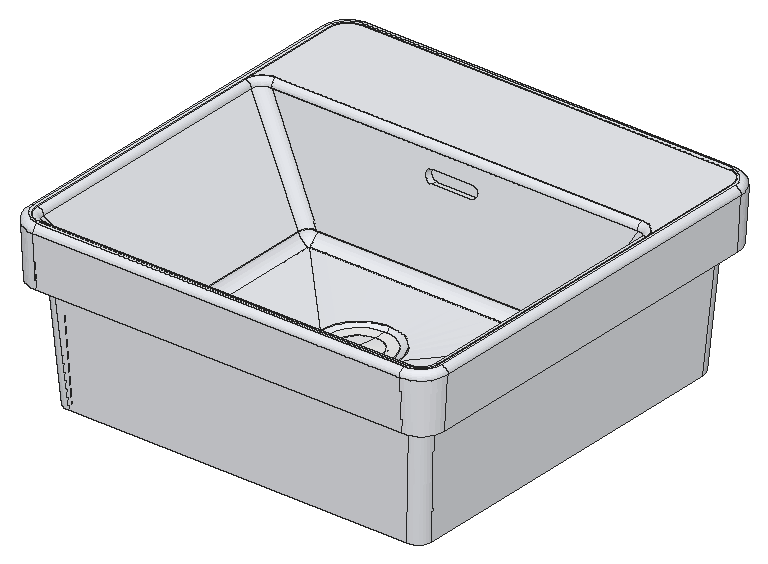
Revit family "CLARK SQUARE 400 INSET", category Plumbing Fixtures, host Face, Revit 2015
Parameters (values of type "CLARK SQUARE 400 INSET NTH")
  Vent Connection = no
  URL = "https://www.clark.com.au/"
  Tap Penetrations = if([3 Tapholes], 0 mm, 70 mm)  # 70 mm
  Spout Penetration = if(or([1 Taphole], [3 Tapholes]), 0 mm, 70 mm)  # 70 mm
  Model = "CL40013-W0"
  Material_Waste = GWA_Metal-Chrome
  Material_Basin = GWA-Porcelain-White
  Manufacturer = "GWA Bathrooms & Kitchens"  # constant formula
  HW Connection = no
  Description = "CLARK SQUARE 400 INSET NTH"
  Default Elevation = 0 mm
  CreatedBy_ANZRS = "GWA Bathrooms & Kitchens"  # constant formula
  CW Connection = no
  Assembly Code = "D2010400"
  3 Tapholes = no
  1 Taphole = no
Types (4, lengths in mm): name | Tap Penetrations | Spout Penetration | Model | Description | 3 Tapholes | 1 Taphole
  (no name) | 70 | 70 | "CL40013-W0" | "CLARK SQUARE 400 INSET NTH" | no | no
  CLARK SQUARE 400 INSET NTH | 70 | 70 | "CL40013-W0" | "CLARK SQUARE 400 INSET NTH" | no | no
  CLARK SQUARE 400 INSET 1TH | 70 | 0 | "CL40013-W1" | "CLARK SQUARE 400 INSET 1TH" | no | yes
  CLARK SQUARE 400 INSET 3TH | 0 | 0 | "CL40013-W3" | "CLARK SQUARE 400 INSET 3TH" | yes | yes
Reference planes
  plane 1 "Center (Front/Back)": y = 0
  plane 2: z = 0
  plane 3 "Center (Left/Right)": x = 0
  plane 4: y = 55
  plane 5: y = -55
  plane 6: y = -59.5
  plane 7: y = -45
  plane 8: y = -45
  plane 9: y = -65
Forms (mm)
  Sweep 1, solid, not visible
    path in 3D
      loop
        line (-200, 55, 0) -> (-200, 55, 374)
        arc (-200, 55, 374) -> (-192.385, 55, 392.385) -> (-174, 55, 400) r 26
        line (-174, 55, 400) -> (174, 55, 400)
        arc (174, 55, 400) -> (192.385, 55, 392.385) -> (200, 55, 374) r 26
        line (200, 55, 374) -> (200, 55, 0)
    profile origin (0, 55, 400) x (0, 0, 1) y (0, -1, 0)
      loop
        line (-4, 120) -> (-14, 120) -> (-8.493, 6) -> (-8.5, 0) -> (-6.203, 0)
        arc (-6.203, 0) -> (-1.891, 1.829) -> (-0.207, 6.2) r 6
        line (-0.207, 6.2) -> (-4, 120)
  Sweep 2, solid, not visible
    path in 3D
      loop
        arc (138, -45, 348) -> (145.071, -45, 345.071) -> (148, -45, 338) r 10
        line (148, -45, 338) -> (148, -45, 138)
        arc (148, -45, 138) -> (145.071, -45, 130.929) -> (138, -45, 128) r 10
        line (138, -45, 128) -> (-138, -45, 128)
        arc (-138, -45, 128) -> (-145.071, -45, 130.929) -> (-148, -45, 138) r 10
        line (-148, -45, 138) -> (-148, -45, 338)
        arc (-148, -45, 338) -> (-145.071, -45, 345.071) -> (-138, -45, 348) r 10
        line (-138, -45, 348) -> (138, -45, 348)
    profile origin (0, -45, 348) x (0, 0, 1) y (0, -1, 0)
      loop
        line (0, 0) -> (0, 10) -> (-9.5, 10)
        arc (-9.5, 10) -> (-2.988, 6.674) -> (0, 0) r 11
  Sweep 3, solid, not visible
    path in 3D
      loop
        arc (174, 55, 391.5) -> (186.374, 55, 386.374) -> (191.5, 55, 374) r 17.5
        line (191.5, 55, 374) -> (191.5, 55, 126)
        arc (191.5, 55, 126) -> (186.374, 55, 113.626) -> (174, 55, 108.5) r 17.5
        line (174, 55, 108.5) -> (-174, 55, 108.5)
        arc (-174, 55, 108.5) -> (-186.374, 55, 113.626) -> (-191.5, 55, 126) r 17.5
        line (-191.5, 55, 126) -> (-191.5, 55, 374)
        arc (-191.5, 55, 374) -> (-186.374, 55, 386.374) -> (-174, 55, 391.5) r 17.5
        line (-174, 55, 391.5) -> (174, 55, 391.5)
    profile origin (0, 55, 391.5) x (0, 0, 1) y (0, -1, 0)
      loop
        line (0, 0.007) -> (0.007, 6) -> (-5.993, 6)
        arc (-5.993, 6) -> (-4.236, 1.764) -> (0, 0.007) r 6
  Extrusion 4, solid, not visible
    sketch origin (0, -55, 0) x (0, 0, 1) y (-1, 0, 0)
      loop
        line (348, -138) -> (348, 138)
        arc (348, 138) -> (345.071, 145.071) -> (338, 148) r 10
        line (338, 148) -> (138, 148)
        arc (138, 148) -> (130.929, 145.071) -> (128, 138) r 10
        line (128, 138) -> (128, -138)
        arc (128, -138) -> (130.929, -145.071) -> (138, -148) r 10
        line (138, -148) -> (338, -148)
        arc (338, -148) -> (345.071, -145.071) -> (348, -138) r 10
    from 0 to 10
  Blend 5, void, not visible
    base sketch origin (0, -59.5, 0) x (0, 0, 1) y (-1, 0, 0)
      loop
        circle (238, 0) r 37
    top sketch origin (0, -55, 0) x (0, 0, 1) y (-1, 0, 0)
      loop
        line (338.5, 138.5) -> (137.5, 138.5) -> (137.5, -138.5) -> (338.5, -138.5) -> (338.5, 138.5)
    from 0 to 0
  Blend 6, solid, not visible
    base sketch origin (0, -65, 0) x (0, 0, 1) y (-1, 0, 0)
      loop
        line (354, -144) -> (354, 144)
        arc (354, 144) -> (351.071, 151.071) -> (344, 154) r 10
        line (344, 154) -> (132, 154)
        arc (132, 154) -> (124.929, 151.071) -> (122, 144) r 10
        line (122, 144) -> (122, -144)
        arc (122, -144) -> (124.929, -151.071) -> (132, -154) r 10
        line (132, -154) -> (344, -154)
        arc (344, -154) -> (351.071, -151.071) -> (354, -144) r 10
    top sketch origin (0, -65, 0) x (0, 0, 1) y (-1, 0, 0)
      loop
        line (391.5, -174) -> (391.5, 174)
        arc (391.5, 174) -> (386.374, 186.374) -> (374, 191.507) r 17.5
        line (374, 191.507) -> (126, 191.5)
        arc (126, 191.5) -> (113.626, 186.374) -> (108.493, 174) r 17.5
        line (108.493, 174) -> (108.5, -174)
        arc (108.5, -174) -> (113.626, -186.374) -> (126, -191.507) r 17.5
        line (126, -191.507) -> (374, -191.5)
        arc (374, -191.5) -> (386.374, -186.374) -> (391.5, -174) r 17.5
    from 0 to -114
  Blend 7, void, not visible
    base sketch origin (0, -45, 0) x (0, 0, 1) y (-1, 0, 0)
      loop
        line (338, 148) -> (138, 148)
        arc (138, 148) -> (130.929, 145.071) -> (128, 138) r 10
        line (128, 138) -> (128, -138)
        arc (128, -138) -> (130.929, -145.071) -> (138, -148) r 10
        line (138, -148) -> (338, -148)
        arc (338, -148) -> (345.071, -145.071) -> (348, -138) r 10
        line (348, -138) -> (348, 138)
        arc (348, 138) -> (345.071, 145.071) -> (338, 148) r 10
    top sketch origin (0, -45, 0) x (0, 0, 1) y (-1, 0, 0)
      loop
        line (114.493, 174) -> (114.493, -174)
        arc (114.493, -174) -> (117.863, -182.137) -> (126, -185.507) r 11.507
        line (126, -185.507) -> (374, -185.507)
        arc (374, -185.507) -> (382.137, -182.137) -> (385.507, -174) r 11.507
        line (385.507, -174) -> (385.507, 174)
        arc (385.507, 174) -> (382.137, 182.137) -> (374, 185.507) r 11.507
        line (374, 185.507) -> (126, 185.507)
        arc (126, 185.507) -> (117.863, 182.137) -> (114.493, 174) r 11.507
    from 0 to -94
  Extrusion 8, void, not visible
    sketch origin (0, -45, 0) x (0, 0, 1) y (-1, 0, 0)
      loop
        line (348, -138) -> (348, 138)
        arc (348, 138) -> (345.071, 145.071) -> (338, 148) r 10
        line (338, 148) -> (138, 148)
        arc (138, 148) -> (130.929, 145.071) -> (128, 138) r 10
        line (128, 138) -> (128, -138)
        arc (128, -138) -> (130.929, -145.071) -> (138, -148) r 10
        line (138, -148) -> (338, -148)
        arc (338, -148) -> (345.071, -145.071) -> (348, -138) r 10
    from 0 to 36.143
  Extrusion 9, solid, not visible
    sketch origin (0, 55, 0) x (0, 0, 1) y (-1, 0, 0)
      loop
        arc (126, -191.5) -> (113.626, -186.374) -> (108.5, -174) r 17.5
        line (108.5, -174) -> (108.5, 174)
        arc (108.5, 174) -> (113.626, 186.374) -> (126, 191.5) r 17.5
        line (126, 191.5) -> (0, 191.5) -> (0, -191.5) -> (126, -191.5)
    from 0 to 6
  Extrusion 10, solid, not visible
    sketch origin (0, 0, 0) x (1, 0, 0) y (0, 1, 0)
      loop
        line (-186, -65) -> (186, -65) -> (191.5, 49) -> (-191.5, 49) -> (-186, -65)
    from 0 to 20
  Extrusion 11, void, not visible
    sketch origin (194.515, -138.338, 0) x (1, 0, 0) y (0, 1, 0)
      loop
        arc (-119.515, 148.338) -> (-129.515, 138.338) -> (-119.515, 128.338) r 10
        line (-119.515, 128.338) -> (-109.515, 128.338)
        arc (-109.515, 128.338) -> (-99.515, 138.338) -> (-109.515, 148.338) r 10
        line (-109.515, 148.338) -> (-119.515, 148.338)
    from -20 to 20
  Extrusion 12, void, not visible
    sketch origin (34.515, -138.338, 0) x (1, 0, 0) y (0, 1, 0)
      loop
        arc (-119.515, 148.338) -> (-129.515, 138.338) -> (-119.515, 128.338) r 10
        line (-119.515, 128.338) -> (-109.515, 128.338)
        arc (-109.515, 128.338) -> (-99.515, 138.338) -> (-109.515, 148.338) r 10
        line (-109.515, 148.338) -> (-119.515, 148.338)
    from -20 to 20
  Extrusion 13, void, not visible
    sketch origin (0, 0, 0) x (1, 0, 0) y (0, 1, 0)
      loop
        circle (0, -135) r 120
    from -20 to 20
  Extrusion 14, void, not visible
    sketch origin (59.761, -146.11, 141.816) x (1, 0, 0) y (0, 0.990268, -0.139173)
      loop
        arc (-78.761, 181.898) -> (-84.761, 175.898) -> (-78.761, 169.898) r 6
        line (-78.761, 169.898) -> (-40.761, 169.898)
        arc (-40.761, 169.898) -> (-34.761, 175.898) -> (-40.761, 181.898) r 6
        line (-40.761, 181.898) -> (-78.761, 181.898)
    from -20 to 20
  Extrusion 15, void, not visible
    sketch origin (0, -45, 0) x (0, 0, 1) y (-1, 0, 0)
      loop
        circle (238, 0) r 37
    from -20 to 21.723
  Revolve 16, solid, not visible
    sketch origin (0, 0, 0) x (0, 1, 0) y (0, 0, 1)
      loop
        line (-59.5, 275) -> (-65, 275) -> (-65, 281.487) -> (-75.487, 271) -> (-107.487, 270) -> (-107.487, 260) -> (-72.487, 260) -> (-60.069, 272.717) -> (-59.5, 274.114) -> (-59.5, 275)
      axis (-59.5, 238) -> (-107.487, 238)
    angle from 0 to 360
  Extrusion 17, solid, not visible
    sketch origin (0, 0, 0) x (0, 1, 0) y (0, 0, 1)
      loop
        line (-65, 194.513) -> (-75.487, 205) -> (-75.487, 238) -> (-102.668, 238) -> (-102.668, 139.668) -> (-65, 102) -> (49, 88.493) -> (49, 108.493) -> (-65, 122) -> (-65, 194.513)
    from -30 to 30
  Extrusion 18, void, not visible
    sketch origin (0, -45, 0) x (0, 0, 1) y (-1, 0, 0)
      loop
        circle (238, 0) r 22.5
    from 0 to 100
  Sweep 19, solid, material "GWA-Porcelain-White" <- "Material_Basin"
    path origin (0, 0, 55) x (-1, 0, 0) y (0, -1, 0)
      loop
        arc (174, -230) -> (192.385, -222.385) -> (200, -204) r 26
        line (200, -204) -> (200, 144)
        arc (200, 144) -> (192.385, 162.385) -> (174, 170) r 26
        line (174, 170) -> (-174, 170)
        arc (-174, 170) -> (-192.385, 162.385) -> (-200, 144) r 26
        line (-200, 144) -> (-200, -204)
        arc (-200, -204) -> (-192.385, -222.385) -> (-174, -230) r 26
        line (-174, -230) -> (174, -230)
    profile origin (0, 230, 55) x (0, 1, 0) y (0, 0, 1)
      loop
        line (-6.339, 0) -> (-9, 0) -> (-15.6, -120) -> (-6.6, -120) -> (-0.348, -6.33)
        arc (-0.348, -6.33) -> (-1.981, -1.876) -> (-6.339, 0) r 6
  Sweep 20, solid, material "GWA-Porcelain-White" <- "Material_Basin"
    path in 3D
      loop
        arc (-174, -161, 55) -> (-186.021, -156.021, 55) -> (-191, -144, 55) r 17
        line (-191, -144, 55) -> (-191, 102.5, 55)
        arc (-191, 102.5, 55) -> (-186.021, 114.521, 55) -> (-174, 119.5, 55) r 17
        line (-174, 119.5, 55) -> (174, 119.5, 55)
        arc (174, 119.5, 55) -> (186.021, 114.521, 55) -> (191, 102.5, 55) r 17
        line (191, 102.5, 55) -> (191, -144, 55)
        arc (191, -144, 55) -> (186.021, -156.021, 55) -> (174, -161, 55) r 17
        line (174, -161, 55) -> (-174, -161, 55)
    profile origin (0, -161, 55) x (0, -1, 0) y (0, 0, 1)
      loop
        arc (0, 0) -> (-4.243, -1.757) -> (-6, -6) r 6
        line (-6, -6) -> (-0.33, -6) -> (0, 0)
  Sweep 21, solid, material "GWA-Porcelain-White" <- "Material_Basin"
    path in 3D
      loop
        arc (-119, -90, -57) -> (-119.707, -89.707, -57) -> (-120, -89, -57) r 1
        line (-120, -89, -57) -> (-120, 89, -57)
        arc (-120, 89, -57) -> (-119.707, 89.707, -57) -> (-119, 90, -57) r 1
        line (-119, 90, -57) -> (119, 90, -57)
        arc (119, 90, -57) -> (119.707, 89.707, -57) -> (120, 89, -57) r 1
        line (120, 89, -57) -> (120, -89, -57)
        arc (120, -89, -57) -> (119.707, -89.707, -57) -> (119, -90, -57) r 1
        line (119, -90, -57) -> (-119, -90, -57)
    profile origin (0, -90, -57) x (0, -1, 0) y (0, 0, 1)
      loop
        line (0, 0) -> (18, 0) -> (18, 10) -> (9, 10)
        arc (9, 10) -> (5.684, 3.934) -> (0, 0) r 15
  Blend 22, solid, material "GWA-Porcelain-White" <- "Material_Basin"
    base sketch origin (0, 0, -57) x (-1, 0, 0) y (0, -1, 0)
      loop
        line (-119, -108) -> (119, -108)
        arc (119, -108) -> (132.435, -102.435) -> (138, -89) r 19
        line (138, -89) -> (138, 89)
        arc (138, 89) -> (132.435, 102.435) -> (119, 108) r 19
        line (119, 108) -> (-119, 108)
        arc (-119, 108) -> (-132.435, 102.435) -> (-138, 89) r 19
        line (-138, 89) -> (-138, -89)
        arc (-138, -89) -> (-132.435, -102.435) -> (-119, -108) r 19
    top sketch origin (0, 0, -57) x (-1, 0, 0) y (0, -1, 0)
      loop
        line (-174, -119.17) -> (174, -119.17)
        arc (174, -119.17) -> (185.787, -114.287) -> (190.67, -102.5) r 16.67
        line (190.67, -102.5) -> (190.67, 144)
        arc (190.67, 144) -> (185.787, 155.787) -> (174, 160.67) r 16.67
        line (174, 160.67) -> (-174, 160.67)
        arc (-174, 160.67) -> (-185.787, 155.787) -> (-190.67, 144) r 16.67
        line (-190.67, 144) -> (-190.67, -102.5)
        arc (-190.67, -102.5) -> (-185.787, -114.287) -> (-174, -119.17) r 16.67
    from 0 to 106
  Extrusion 23, solid, material "GWA-Porcelain-White" <- "Material_Basin"
    sketch origin (0, 0, -57) x (-1, 0, 0) y (0, -1, 0)
      loop
        line (138, -89) -> (138, 89)
        arc (138, 89) -> (132.435, 102.435) -> (119, 108) r 19
        line (119, 108) -> (-119, 108)
        arc (-119, 108) -> (-132.435, 102.435) -> (-138, 89) r 19
        line (-138, 89) -> (-138, -89)
        arc (-138, -89) -> (-132.435, -102.435) -> (-119, -108) r 19
        line (-119, -108) -> (119, -108)
        arc (119, -108) -> (132.435, -102.435) -> (138, -89) r 19
    from 0 to -10
  Blend 24, void
    base sketch origin (0, 0, -47) x (1, 0, 0) y (0, 1, 0)
      loop
        line (129, -89) -> (129, 89)
        arc (129, 89) -> (126.071, 96.071) -> (119, 99) r 10
        line (119, 99) -> (-119, 99)
        arc (-119, 99) -> (-126.071, 96.071) -> (-129, 89) r 10
        line (-129, 89) -> (-129, -89)
        arc (-129, -89) -> (-126.071, -96.071) -> (-119, -99) r 10
        line (-119, -99) -> (119, -99)
        arc (119, -99) -> (126.071, -96.071) -> (129, -89) r 10
    top sketch origin (0, 0, -47) x (1, 0, 0) y (0, 1, 0)
      loop
        arc (-185, -144) -> (-181.778, -151.778) -> (-174, -155) r 11
        line (-174, -155) -> (174, -155)
        arc (174, -155) -> (181.778, -151.778) -> (185, -144) r 11
        line (185, -144) -> (185, 102.5)
        arc (185, 102.5) -> (181.778, 110.278) -> (174, 113.5) r 11
        line (174, 113.5) -> (-174, 113.5)
        arc (-174, 113.5) -> (-181.778, 110.278) -> (-185, 102.5) r 11
        line (-185, 102.5) -> (-185, -144)
    from 0 to 96
  Extrusion 25, void
    sketch origin (0, 0, -47) x (1, 0, 0) y (0, 1, 0)
      loop
        arc (119, -99) -> (126.071, -96.071) -> (129, -89) r 10
        line (129, -89) -> (129, 89)
        arc (129, 89) -> (126.071, 96.071) -> (119, 99) r 10
        line (119, 99) -> (-119, 99)
        arc (-119, 99) -> (-126.071, 96.071) -> (-129, 89) r 10
        line (-129, 89) -> (-129, -89)
        arc (-129, -89) -> (-126.071, -96.071) -> (-119, -99) r 10
        line (-119, -99) -> (119, -99)
    from 0 to -20
  Extrusion 26, void
    sketch origin (0, 0, -47) x (1, 0, 0) y (0, 1, 0)
      loop
        circle (0, 0) r 37
    from 0 to -50
  Blend 27, void
    base sketch origin (0, 0, -57) x (-1, 0, 0) y (0, -1, 0)
      loop
        line (120, -90) -> (120, 90) -> (-120, 90) -> (-120, -90) -> (120, -90)
    top sketch origin (0, 0, -57) x (-1, 0, 0) y (0, -1, 0)
      loop
        circle (0, 0) r 37
    from 0 to -3
  Revolve 28, solid, material "GWA-Porcelain-White" <- "Material_Basin"
    sketch origin (0, 0, 0) x (0, 1, 0) y (0, 0, 1)
      loop
        line (23, -73) -> (23, -108) -> (31, -108) -> (31, -76.489) -> (41.218, -67) -> (37, -67) -> (37, -60) -> (23, -73)
      axis (0, -60) -> (0, -108)
    angle from 0 to 360
  Extrusion 29, void
    sketch origin (0, 0, 0) x (0, 1, 0) y (0, 0, 1)
      loop
        line (-240, 0) -> (-240, -130) -> (248.047, -130) -> (248.047, 0) -> (-240, 0)
    from -250 to 250
  Extrusion 30, solid, material "GWA-Porcelain-White" <- "Material_Basin"
    sketch origin (0, 0, 55) x (-1, 0, 0) y (0, -1, 0)
      loop
        line (191, -204) -> (191, -102.5)
        arc (191, -102.5) -> (186.021, -114.521) -> (174, -119.5) r 17
        line (174, -119.5) -> (-174, -119.5)
        arc (-174, -119.5) -> (-186.021, -114.521) -> (-191, -102.5) r 17
        line (-191, -102.5) -> (-191, -204)
        arc (-191, -204) -> (-186.021, -216.021) -> (-174, -221) r 17
        line (-174, -221) -> (174, -221)
        arc (174, -221) -> (186.021, -216.021) -> (191, -204) r 17
    from 0 to -20
  Extrusion 31, void
    sketch origin (44.885, 125.81, -55.728) x (1, 0, 0) y (0, 0.156434, 0.987688)
      loop
        arc (-63.885, 87.165) -> (-69.885, 81.165) -> (-63.885, 75.165) r 6
        line (-63.885, 75.165) -> (-25.885, 75.165)
        arc (-25.885, 75.165) -> (-19.885, 81.165) -> (-25.885, 87.165) r 6
        line (-25.885, 87.165) -> (-63.885, 87.165)
    from 0 to 50
  Extrusion 32, solid, material "GWA-Porcelain-White" <- "Material_Basin"
    sketch origin (0, 0, 0) x (0, 1, 0) y (0, 0, 1)
      loop
        line (117.695, 35) -> (108, -57) -> (108, -67) -> (8.544, -67) -> (8.544, -106.489) -> (31, -106.489) -> (106.353, -102.539)
        arc (106.353, -102.539) -> (119.071, -97.076) -> (125.196, -84.663) r 20
        line (125.196, -84.663) -> (137.805, 35) -> (117.695, 35)
    from -30 to 30
  Revolve 33, void
    sketch origin (0, 0, 0) x (0, 1, 0) y (0, 0, 1)
      loop
        line (46.603, -62) -> (0, -62) -> (0, -108) -> (31, -108) -> (31, -76.489) -> (46.603, -62)
      axis (0, -62) -> (0, -108)
    angle from 0 to 360
  Blend 34, solid, material "GWA-Porcelain-White" <- "Material_Basin"
    base sketch origin (0, 0, 0) x (1, 0, 0) y (0, 1, 0)
      loop
        arc (-161, 204) -> (-170.192, 200.192) -> (-174, 191) r 13
        line (-174, 191) -> (-174, -131)
        arc (-174, -131) -> (-170.192, -140.192) -> (-161, -144) r 13
        line (-161, -144) -> (161, -144)
        arc (161, -144) -> (170.192, -140.192) -> (174, -131) r 13
        line (174, -131) -> (174, 191)
        arc (174, 191) -> (170.192, 200.192) -> (161, 204) r 13
        line (161, 204) -> (-161, 204)
    top sketch origin (0, 0, 0) x (1, 0, 0) y (0, 1, 0)
      loop
        arc (-168.5, 211.5) -> (-177.692, 207.692) -> (-181.5, 198.5) r 13
        line (-181.5, 198.5) -> (-181.5, -138.5)
        arc (-181.5, -138.5) -> (-177.692, -147.692) -> (-168.5, -151.5) r 13
        line (-168.5, -151.5) -> (168.5, -151.5)
        arc (168.5, -151.5) -> (177.692, -147.692) -> (181.5, -138.5) r 13
        line (181.5, -138.5) -> (181.5, 198.5)
        arc (181.5, 198.5) -> (177.692, 207.692) -> (168.5, 211.5) r 13
        line (168.5, 211.5) -> (-168.5, 211.5)
    from -108 to 0
  Blend 35, void
    base sketch origin (0, 0, -65) x (1, 0, 0) y (0, 1, 0)
      loop
        arc (161, -136.5) -> (164.889, -134.889) -> (166.5, -131) r 5.5
        line (166.5, -131) -> (166.5, 191)
        arc (166.5, 191) -> (164.889, 194.889) -> (161, 196.5) r 5.5
        line (161, 196.5) -> (-161, 196.5)
        arc (-161, 196.5) -> (-164.889, 194.889) -> (-166.5, 191) r 5.5
        line (-166.5, 191) -> (-166.5, -131)
        arc (-166.5, -131) -> (-164.889, -134.889) -> (-161, -136.5) r 5.5
        line (-161, -136.5) -> (161, -136.5)
    top sketch origin (0, 0, -65) x (1, 0, 0) y (0, 1, 0)
      loop
        line (174, -131) -> (174, 191)
        arc (174, 191) -> (170.192, 200.192) -> (161, 204) r 13
        line (161, 204) -> (-161, 204)
        arc (-161, 204) -> (-170.192, 200.192) -> (-174, 191) r 13
        line (-174, 191) -> (-174, -131)
        arc (-174, -131) -> (-170.192, -140.192) -> (-161, -144) r 13
        line (-161, -144) -> (161, -144)
        arc (161, -144) -> (170.192, -140.192) -> (174, -131) r 13
    from -43 to 65
  Extrusion 36, void
    sketch origin (0, -35, 0) x (0, 0, -1) y (1, 0, 0)
      loop
        line (128, -132) -> (128, 132) -> (58, 132)
        arc (58, 132) -> (47, 0) -> (58, -132) r 797.5
        line (58, -132) -> (128, -132)
    from -265 to -195
  Revolve 37, solid, material "GWA_Metal-Chrome" <- "Material_Waste"
    sketch origin (0, -78.484, -222.565) x (0, 1, 0) y (0, 0, 1)
      loop
        line (95.607, 133.565) -> (97.728, 137.24) -> (97.728, 150.89) -> (99.827, 155.393) -> (99.827, 159.253) -> (108.473, 160.565) -> (108.473, 161.365) -> (98.478, 160.49) -> (98.478, 155.692) -> (95.729, 149.795) -> (95.729, 137.775) -> (93.299, 133.565) -> (95.607, 133.565)
      axis (78.484, 161.365) -> (78.484, 133.565)
    angle from 0 to 360
  Revolve 38, solid, material "GWA_Metal-Chrome" <- "Material_Waste"
    sketch origin (0, -78.484, -222.565) x (0, 1, 0) y (0, 0, 1)
      loop
        line (98.178, 159.504) -> (98.178, 160.504)
        arc (98.178, 160.504) -> (88.381, 161.998) -> (78.484, 162.514) r 100
        line (78.484, 162.514) -> (78.484, 159.504) -> (98.178, 159.504)
      axis (78.484, 162.514) -> (78.484, 159.504)
    angle from 0 to 360
  Extrusion 39, void
    sketch origin (0, -136.59, 0) x (1, 0, 0) y (0, 1, 0)
      loop
        circle (0, 306.757) r 14
    from 80 to 70 <- "Spout Penetration"
  Extrusion 40, void
    sketch origin (-100, -136.59, 0) x (1, 0, 0) y (0, 1, 0)
      loop
        circle (0, 306.757) r 17
    from 80 to 70 <- "Tap Penetrations"
  Extrusion 41, void
    sketch origin (100, -136.59, 0) x (1, 0, 0) y (0, 1, 0)
      loop
        circle (0, 306.757) r 17
    from 80 to 70 <- "Tap Penetrations"
Cuts and joins
  Blend 24, Extrusion 25, Extrusion 31 cuts Blend 22
  Extrusion 26, Blend 27 cuts Extrusion 23
  Blend 27 cuts Sweep 21
  Extrusion 29 cuts Sweep 19
  Revolve 33 cuts Extrusion 32
  Blend 35, Extrusion 36 cuts Blend 34
  Extrusion 39, Extrusion 40, Extrusion 41 cuts Extrusion 30
Lines and regions (mm)
  Masking region 1
    outline origin (0, 0, 0) x (1, 0, 0) y (0, 1, 0)
      loop
        arc (-174, 230.167) -> (-192.385, 222.552) -> (-200, 204.167) r 26
        line (-200, 204.167) -> (-200, -143.833)
        arc (-200, -143.833) -> (-192.385, -162.218) -> (-174, -169.833) r 26
        line (-174, -169.833) -> (174, -169.833)
        arc (174, -169.833) -> (192.385, -162.218) -> (200, -143.833) r 26
        line (200, -143.833) -> (200, 204.167)
        arc (200, 204.167) -> (192.385, 222.552) -> (174, 230.167) r 26
        line (174, 230.167) -> (-174, 230.167)
  Masking region 2
    outline origin (0, 0, 0) x (1, 0, 0) y (0, 0, 1)
      loop
        line (193.664, 55) -> (-193.664, 55)
        arc (-193.664, 55) -> (-198.022, 53.124) -> (-199.655, 48.67) r 6
        line (-199.655, 48.67) -> (-196.975, 0) -> (196.975, 0) -> (199.655, 48.67)
        arc (199.655, 48.67) -> (198.022, 53.124) -> (193.664, 55) r 6
  Masking region 3
    outline origin (0, 0, 0) x (0, 1, 0) y (0, 0, 1)
      loop
        line (223.684, 55) -> (-163.684, 55)
        arc (-163.684, 55) -> (-168.042, 53.123) -> (-169.675, 48.668) r 6
        line (-169.675, 48.668) -> (-166.975, 0) -> (226.975, 0) -> (229.675, 48.668)
        arc (229.675, 48.668) -> (228.042, 53.123) -> (223.684, 55) r 6
  model lines, not visible
    curve 1: line (-200, 55, 0) -> (-200, 55, 374)
    curve 2: line (-174, 55, 400) -> (174, 55, 400)
    curve 3: line (200, 55, 374) -> (200, 55, 0)
    curve 4: arc (-174, 55, 400) -> (-192.385, 55, 392.385) -> (-200, 55, 374) r 26
    curve 5: arc (174, 55, 400) -> (192.385, 55, 392.385) -> (200, 55, 374) r 26
    curve 6: line (0, 48.8, 399.793) -> (0, -65, 396)
    curve 7: line (0, -65, 396) -> (0, -65, 386)
    curve 8: line (0, 55, 393.797) -> (0, 55, 390)
    curve 9: line (0, 55, 390) -> (0, -65, 386)
    curve 10: arc (0, 55, 393.797) -> (0, 53.171, 398.109) -> (0, 48.8, 399.793) r 6
    curve 16: line (-138, -55, 338) -> (138, -55, 338)
    curve 17: line (-138, -55, 138) -> (-138, -55, 338)
    curve 18: line (138, -55, 338) -> (138, -55, 138)
    curve 19: line (-251.189, -55, 238) -> (363.811, -55, 238)
    curve 20: circle (0, -59.5, 238) r 37 normal (0, -1, 0)
    curve 21: line (-138, -45, 348) -> (138, -45, 348)
    curve 22: line (-148, -45, 138) -> (-148, -45, 338)
    curve 23: line (148, -45, 338) -> (148, -45, 138)
    curve 24: arc (-148, -45, 338) -> (-145.071, -45, 345.071) -> (-138, -45, 348) r 10
    curve 25: arc (138, -45, 348) -> (145.071, -45, 345.071) -> (148, -45, 338) r 10
    curve 34: line (-174, 55, 391.5) -> (174, 55, 391.5)
    curve 35: line (-191.5, 55, 126) -> (-191.5, 55, 374)
    curve 36: line (191.5, 55, 374) -> (191.5, 55, 126)
    curve 37: arc (174, 55, 391.5) -> (186.374, 55, 386.374) -> (191.5, 55, 374) r 17.5
    curve 38: arc (-191.5, 55, 374) -> (-186.374, 55, 386.374) -> (-174, 55, 391.5) r 17.5
    curve 47: line (154, -65, 132) -> (154, -65, 344)
    curve 48: arc (144, -65, 354) -> (151.071, -65, 351.071) -> (154, -65, 344) r 10
    curve 49: line (144, -65, 354) -> (-144, -65, 354)
    curve 50: arc (-154, -65, 344) -> (-151.071, -65, 351.071) -> (-144, -65, 354) r 10
    curve 51: line (-154, -65, 344) -> (-154, -65, 132)
    curve 52: line (0, -65, 238) -> (0, -65, 122)
    curve 53: line (0, -65, 122) -> (0, 49, 108.493)
    curve 54: line (0, -59.5, 275) -> (0, -65, 275)
    curve 55: line (0, -75.487, 271) -> (0, -65, 281.487)
    curve 56: line (0, -107.487, 270) -> (0, -75.487, 271)
    curve 57: line (0, -107.487, 270) -> (0, -107.487, 260)
    curve 58: line (0, -59.5, 275) -> (0, -59.5, 273.3)
    curve 59: line (0, -107.487, 260) -> (0, -72.487, 260)
    curve 60: line (0, -72.487, 260) -> (0, -59.5, 273.3)
    curve 61: line (0, -65, 238) -> (0, -126.787, 238)
    curve 62: line (0, -65, 275) -> (0, -65, 281.487)
    curve 63: line (0, 49, 108.493) -> (0, -65, 122)
    curve 64: line (0, -65, 194.513) -> (0, -75.487, 205)
    curve 65: line (0, -75.487, 205) -> (0, -105.472, 205.937)
    curve 66: line (0, -105.472, 205.937) -> (0, -102.668, 139.668)
    curve 67: line (0, 49, 108.493) -> (0, 49, 88.493)
    curve 68: line (0, -65, 102) -> (0, 49, 88.493)
    curve 69: line (0, -65, 102) -> (0, -102.668, 139.668)
    curve 70: line (0, -65, 194.513) -> (0, -65, 122)
  sketch lines, not visible
    curve 11: line (-174, 55, 400) -> (174, 55, 400)
    curve 12: arc (-174, 55, 400) -> (-192.385, 55, 392.385) -> (-200, 55, 374) r 26
    curve 13: line (-200, 55, 0) -> (-200, 55, 374)
    curve 14: arc (174, 55, 400) -> (192.385, 55, 392.385) -> (200, 55, 374) r 26
    curve 15: line (200, 55, 374) -> (200, 55, 0)
    curve 26: line (-138, -45, 348) -> (138, -45, 348)
    curve 27: arc (-148, -45, 338) -> (-145.071, -45, 345.071) -> (-138, -45, 348) r 10
    curve 28: arc (-148, -45, 138) -> (-145.071, -45, 130.929) -> (-138, -45, 128) r 10
    curve 29: line (-148, -45, 138) -> (-148, -45, 338)
    curve 30: line (138, -45, 128) -> (-138, -45, 128)
    curve 31: arc (138, -45, 128) -> (145.071, -45, 130.929) -> (148, -45, 138) r 10
    curve 32: arc (138, -45, 348) -> (145.071, -45, 345.071) -> (148, -45, 338) r 10
    curve 33: line (148, -45, 338) -> (148, -45, 138)
    curve 39: line (-174, 55, 391.5) -> (174, 55, 391.5)
    curve 40: arc (-191.5, 55, 374) -> (-186.374, 55, 386.374) -> (-174, 55, 391.5) r 17.5
    curve 41: line (-191.5, 55, 126) -> (-191.5, 55, 374)
    curve 42: arc (-191.5, 55, 126) -> (-186.374, 55, 113.626) -> (-174, 55, 108.5) r 17.5
    curve 43: line (174, 55, 108.5) -> (-174, 55, 108.5)
    curve 44: arc (174, 55, 108.5) -> (186.374, 55, 113.626) -> (191.5, 55, 126) r 17.5
    curve 45: line (191.5, 55, 374) -> (191.5, 55, 126)
    curve 46: arc (174, 55, 391.5) -> (186.374, 55, 386.374) -> (191.5, 55, 374) r 17.5
  sketch lines
    curve 71: line (174, -161, 55) -> (-174, -161, 55)
    curve 72: arc (-191, -144, 55) -> (-186.021, -156.021, 55) -> (-174, -161, 55) r 17
    curve 73: line (191, -144, 55) -> (191, 102.5, 55)
    curve 74: line (-191, -144, 55) -> (-191, 102.5, 55)
    curve 75: arc (-174, 119.5, 55) -> (-186.021, 114.521, 55) -> (-191, 102.5, 55) r 17
    curve 76: line (-174, 119.5, 55) -> (174, 119.5, 55)
    curve 77: arc (191, 102.5, 55) -> (186.021, 114.521, 55) -> (174, 119.5, 55) r 17
    curve 78: arc (174, -161, 55) -> (186.021, -156.021, 55) -> (191, -144, 55) r 17
    curve 79: line (119, -90, -57) -> (-119, -90, -57)
    curve 80: arc (120, -89, -57) -> (119.707, -89.707, -57) -> (119, -90, -57) r 1
    curve 81: line (120, 89, -57) -> (120, -89, -57)
    curve 82: arc (120, 89, -57) -> (119.707, 89.707, -57) -> (119, 90, -57) r 1
    curve 83: line (-119, 90, -57) -> (119, 90, -57)
    curve 84: arc (-120, 89, -57) -> (-119.707, 89.707, -57) -> (-119, 90, -57) r 1
    curve 85: line (-120, -89, -57) -> (-120, 89, -57)
    curve 86: arc (-119, -90, -57) -> (-119.707, -89.707, -57) -> (-120, -89, -57) r 1
  symbolic lines
    curve 87: line (-174, 119.5, 0) -> (174, 119.5, 0)
    curve 88: line (-191, 102.5, 0) -> (-191, -144, 0)
    curve 89: line (191, -144, 0) -> (191, 102.5, 0)
    curve 90: line (-174, -161, 0) -> (174, -161, 0)
    curve 91: line (200, 204.167, 0) -> (200, -143.833, 0)
    curve 92: line (-200, 204.167, 0) -> (-200, -143.833, 0)
    curve 93: line (-174, 230.167, 0) -> (174, 230.167, 0)
    curve 94: line (-174, -169.833, 0) -> (174, -169.833, 0)
    curve 95: arc (-200, 204.167, 0) -> (-192.385, 222.552, 0) -> (-174, 230.167, 0) r 26
    curve 96: arc (174, 230.167, 0) -> (192.385, 222.552, 0) -> (200, 204.167, 0) r 26
    curve 97: arc (200, -143.833, 0) -> (192.385, -162.218, 0) -> (174, -169.833, 0) r 26
    curve 98: arc (-174, -169.833, 0) -> (-192.385, -162.218, 0) -> (-200, -143.833, 0) r 26
    curve 99: arc (174, 119.5, 0) -> (186.021, 114.521, 0) -> (191, 102.5, 0) r 17
    curve 100: arc (-191, 102.5, 0) -> (-186.021, 114.521, 0) -> (-174, 119.5, 0) r 17
    curve 101: arc (-191, -144, 0) -> (-186.021, -156.021, 0) -> (-174, -161, 0) r 17
    curve 102: arc (174, -161, 0) -> (186.021, -156.021, 0) -> (191, -144, 0) r 17
    curve 103: circle (0, 0, 0) r 30 normal (0, 0, 1)
    curve 104: circle (0, 0, 0) r 20 normal (0, 0, 1)
    curve 105: line (193.664, 0, 55) -> (-193.664, 0, 55)
    curve 106: line (196.975, 0, 0) -> (-196.975, 0, 0)
    curve 107: line (-196.975, 0, 0) -> (-199.655, 0, 48.67)
    curve 108: line (196.975, 0, 0) -> (199.655, 0, 48.67)
    curve 109: arc (199.655, 0, 48.67) -> (198.022, 0, 53.124) -> (193.664, 0, 55) r 6
    curve 110: arc (-193.664, 0, 55) -> (-198.022, 0, 53.124) -> (-199.655, 0, 48.67) r 6
    curve 111: line (0, 226.975, 0) -> (0, -166.975, 0)
    curve 112: line (0, -166.975, 0) -> (0, -169.675, 48.668)
    curve 113: line (0, 223.684, 55) -> (0, -163.684, 55)
    curve 114: line (0, 226.975, 0) -> (0, 229.675, 48.668)
    curve 115: arc (0, -163.684, 55) -> (0, -168.042, 53.123) -> (0, -169.675, 48.668) r 6
    curve 116: arc (0, 223.684, 55) -> (0, 228.042, 53.123) -> (0, 229.675, 48.668) r 6
  symbolic lines, visible <- "3 Tapholes"
    curve 117: circle (-100, 170.167, 0) r 17 normal (0, 0, 1)
    curve 119: circle (100, 170.167, 0) r 17 normal (0, 0, 1)
  symbolic lines, visible <- "1 Taphole"
    curve 118: circle (0, 170.167, 0) r 14 normal (0, 0, 1)
Dimensions and locks
  aligned and locked: plane 2 to host face
  aligned and locked: level to host face
Connectors
  piping at (0, 0, -108), diameter 60
    settings: on Revolve 28, index 1, connector inside diameter 609.6 mm, connector length 0 mm, flow factor 0, pipe flow 0.0 L/s, pressure drop 0.0 Pa, fitting loss kfactor 0, connector angle 0.00°, fixture units 0, engagement length 0 mm, angle of deflection 0.00°, flow configuration 3, flow direction 2, fitting loss method 0, system type 16, joint type 0, gender type 0, connector reference index -1, connector utility 0, adjustable connector no, is connector primary yes, connector description ""
